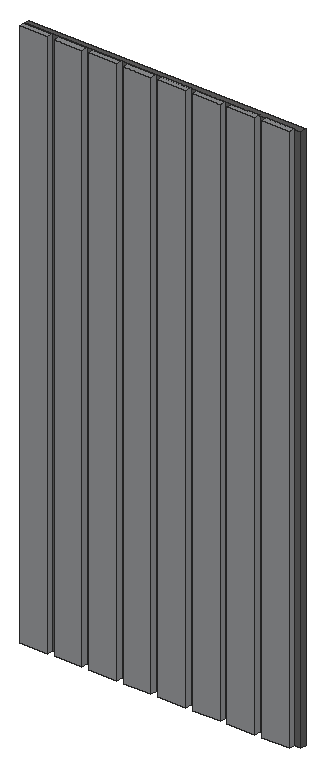
Revit family "MOMENTUM_LAYERS_CABANA LAYER_MOD", category Generic Models, Revit 2022
Family settings
  Can host rebar = No
  Round Connector Dimension = Use Diameter
  Part Type = Normal
  Work Plane-Based = No
  Always vertical = Yes
  Cut with Voids When Loaded = No
  Maintain Annotation Orientation = No
  Shared = No
  Room Calculation Point = No
Parameters (values of type "Pindrop Layers Cabana - Zuri")
  Warranty URL = "https://momentumtextilesandwalls.com/products/09579227/warranty"
  URL = "https://momentumtextilesandwalls.com/solutions/acoustics"
  Type Comments = ""
  Support Email = "customerservice@momtex.com"
  Product Page URL = ""
  Product Name = "PINDROP CABANA - Zuri"
  Product Documetation Link = "https://momentumtextilesandwalls.com/pages/solutions/acoustics/resources"
  Pindrop Color Top = Pindrop - Zuri Weathered Oak
  Pindrop Color = Pindrop - Solid Color - Black
  Model = ""
  Material = "1/2\" PET Felt"
  Manufacturer Phone Number = "+1 800.366.6839"
  Manufacturer Email = "customerservice@momtex.com"
  Manufacturer Address = "17811 Fitch, Irvine, California 92614"
  Manufacturer = "Momentum"
  Keynote = "09840.A1"
  Instruction Sheet Link = "https://momentumtextilesandwalls-res.cloudinary.com/image/upload/v1/pdf/cabana_solid_color_installation_guide.pdf?_a=AAFIKDQ"
  Installation Type = "Construction Adhesive"
  Description = "ARCHITECTURAL LAYERS: Light and dark, in wood-inspired print or solid colors, CABANA slats (2.375\") add an architectural element to high-sound interiors. Vertical or horizontal create depth and complexity in sleek spaces. Made from recycled PET felt (1\" thick), Red List free with an NRC value of 0.45-0.9."
  Default Elevation = 0.000"
  Cost = 0
  Copyright = "Copyright © 2023 Momentum"
  Assembly Code = "C3010140"
Types (2): name | Product Name | Pindrop Color Top
  Pindrop Layers Cabana - Solid Color | "PINDROP CABANA - Solid Color" | Pindrop - Solid Color - Beige
  Pindrop Layers Cabana - Zuri | "PINDROP CABANA - Zuri" | Pindrop - Zuri Weathered Oak
Reference planes (in)
  plane 1 "Center (Front/Back)": y = 0
  plane 2: z = 0
  plane 3 "Center (Left/Right)": x = 0
Forms (in)
  Extrusion 1, solid, material "Pindrop - Solid Color - Black" <- "Pindrop Color"
    sketch origin (0, 0, 0) x (1, 0, 0) y (0, 1, 0)
      loop
        line (0, -0.5) -> (24, -0.5) -> (24, 0) -> (0, 0) -> (0, -0.5)
    from 0 to 48
  Extrusion 2, solid, material "Pindrop - Zuri Weathered Oak" <- "Pindrop Color Top"
    sketch origin (0, 0, 0) x (1, 0, 0) y (0, 1, 0)
      loop
        line (0, -0.50394) -> (0, -1) -> (2.4, -1) -> (2.4, -0.50394) -> (0, -0.50394)
      loop
        line (3, -1) -> (5.4, -1) -> (5.4, -0.50394) -> (3, -0.50394) -> (3, -1)
      loop
        line (6, -1) -> (8.4, -1) -> (8.4, -0.50394) -> (6, -0.50394) -> (6, -1)
      loop
        line (9, -1) -> (11.4, -1) -> (11.4, -0.50394) -> (9, -0.50394) -> (9, -1)
      loop
        line (12, -1) -> (14.4, -1) -> (14.4, -0.50394) -> (12, -0.50394) -> (12, -1)
      loop
        line (15, -1) -> (17.4, -1) -> (17.4, -0.50394) -> (15, -0.50394) -> (15, -1)
      loop
        line (18, -1) -> (20.4, -1) -> (20.4, -0.50394) -> (18, -0.50394) -> (18, -1)
      loop
        line (21, -1) -> (23.4, -1) -> (23.4, -0.50394) -> (21, -0.50394) -> (21, -1)
    from 0 to 48
Dimensions and locks (in)
  aligned and locked: level to plane 2
